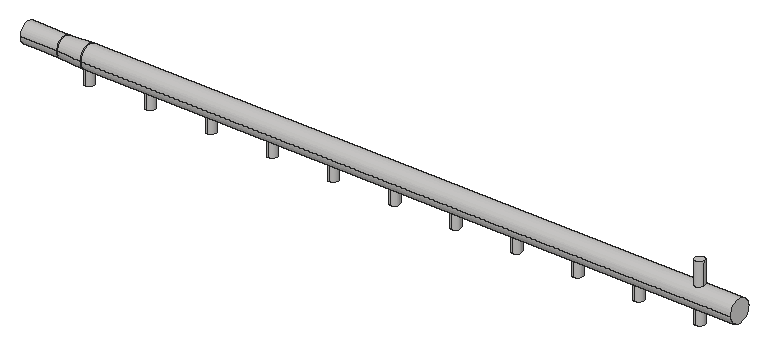
Revit family "BIMLIB_Коллектор_867_11_РОСТерм", category Оборудование, Revit 2017
Family settings
  Размер круглого соединителя = Использовать диаметр
  Тип детали = Нормальный
  На основе рабочей плоскости = Нет
  Всегда вертикально = Да
  При загрузке вырезать с полостями = Нет
  Общий = Нет
  Точка расчета площади = Нет
Parameters (values of type "Коллектор HEIZEN 867 для систем отопления сварной Ду32 на 11 выходов")
  РТ_Шаг = 100 mm
  РТ_l = 100 mm  # constant formula
  РТ_R1 = 18 mm
  РТ_R_низ = РТ_DN_низ / 2  # 7.5 mm
  РТ_DN3 = 15 mm  # constant formula
  Описание = "Коллекторы Heizen изготовлены из высококачественной латуни и нержавеющей стали, что исключает риск протечек. Коллекторы могут быть оснащены различными видами арматуры: ручными балансировочными клапанами,ручными запорными клапанами, термостатическими клапанами, расходомерами, воздухоотводчиками и дренажными кранами."
  РТ_DN_низ = 15 mm  # constant formula
  РТ_DN_бок = 32 mm
  Изготовитель = "РОСТерм"  # constant formula
  URL = "http://rostherm.ru/"
  RT_R2 = РТ_DN_бок / 2  # 16 mm
  BL_Разработано = "support@bimlib.ru"  # constant formula
  BL_Email = "rostherm@bimlib.ru"  # constant formula
  BL_BIM library = "https://bimlib.pro/manufacturer/rosterm/1632/"
  ADSK_Расход жидкости [instance] = 0.0 L/s
  ADSK_Примечание = ""
  ADSK_Позиция = ""
  ADSK_Обозначение = "ГОСТ 12.2.063-2015"  # constant formula
  ADSK_Наименование краткое = "HEIZEN 867 Ду32"
  ADSK_Наименование = "Коллектор HEIZEN 867 для систем отопления сварной Ду32 на 11 выходов"
  ADSK_Материал = BIMLIB_Нержавеющая_сталь_РОСТерм
  ADSK_Масса_Текст = ""
  ADSK_Масса = 0
  ADSK_Марка = "HEIZEN 867"  # constant formula
  ADSK_Код изделия = "867-32-10-11"
  ADSK_Завод-изготовитель = "Heizen"  # constant formula
  ADSK_Единица измерения = "шт."  # constant formula
  ADSK_Версия Revit = "2017"  # constant formula
  ADSK_URL страницы изделия = "http://rostherm.ru/kollektory/"
  ADSK_URL документации изделия = "http://rostherm.ru/"
Types (3, lengths in mm): name | РТ_R1 | РТ_DN_бок | RT_R2 | ADSK_Наименование краткое | ADSK_Наименование | ADSK_Код изделия
  Коллектор HEIZEN 867 для систем отопления сварной Ду50 на 11 выходов | 27 | 50 | 25 | "HEIZEN 867 Ду50" | "Коллектор HEIZEN 867 для систем отопления сварной Ду50 на 11 выходов" | "867-50-10-11"
  Коллектор HEIZEN 867 для систем отопления сварной Ду40 на 11 выходов | 22 | 40 | 20 | "HEIZEN 867 Ду40" | "Коллектор HEIZEN 867 для систем отопления сварной Ду40 на 11 выходов" | "867-40-10-11"
  Коллектор HEIZEN 867 для систем отопления сварной Ду32 на 11 выходов | 18 | 32 | 16 | "HEIZEN 867 Ду32" | "Коллектор HEIZEN 867 для систем отопления сварной Ду32 на 11 выходов" | "867-32-10-11"
Reference planes
  plane 1 "По центру (Вперед/Назад)": y = 0
  plane 2: z = 0
  plane 3 "По центру (Влево/Вправо)": x = 0
  plane 4: x = 100
  plane 5: x = 60
Forms (mm)
  Extrusion 1, solid, material "BIMLIB_Нержавеющая_сталь_РОСТерм" <- "ADSK_Материал", detail levels medium+fine
    sketch origin (65, 0, 0) x (0, 1, 0) y (0, 0, 1)
      loop
        circle (0, 0) r 18
    from 35 to 1100
  Sweep 2, solid, material "BIMLIB_Нержавеющая_сталь_РОСТерм" <- "ADSK_Материал", detail levels medium+fine
    path origin (65, 0, 7.5) x (1, 0, 0) y (0, 0, 1)
      loop
        line (35, -7.5) -> (35, -47.5)
    profile origin (100, 0, -20) x (0, -1, 0) y (1, 0, 0)
      loop
        circle (0, 0) r 7.5
  Blend 3, solid, material "BIMLIB_Нержавеющая_сталь_РОСТерм" <- "ADSK_Материал", detail levels medium+fine
    base sketch origin (50, 0, 0) x (0, 1, 0) y (0, 0, 1)
      loop
        circle (0, 0) r 18
    top sketch origin (50, 0, 0) x (0, 1, 0) y (0, 0, 1)
      loop
        circle (0, 0) r 16
    from 50 to 10
  Extrusion 4, solid, material "BIMLIB_Нержавеющая_сталь_РОСТерм" <- "ADSK_Материал", detail levels medium+fine
    sketch origin (50, 0, 0) x (0, 1, 0) y (0, 0, 1)
      loop
        circle (0, 0) r 16
    from -50 to 10
  Sweep 5, solid, material "BIMLIB_Нержавеющая_сталь_РОСТерм" <- "ADSK_Материал", detail levels medium+fine
    path origin (165, 0, 7.5) x (1, 0, 0) y (0, 0, 1)
      loop
        line (35, -7.5) -> (35, -47.5)
    profile origin (200, 0, -20) x (0, -1, 0) y (1, 0, 0)
      loop
        circle (0, 0) r 7.5
  Sweep 6, solid, material "BIMLIB_Нержавеющая_сталь_РОСТерм" <- "ADSK_Материал", detail levels medium+fine
    path origin (265, 0, 7.5) x (1, 0, 0) y (0, 0, 1)
      loop
        line (35, -7.5) -> (35, -47.5)
    profile origin (300, 0, -20) x (0, -1, 0) y (1, 0, 0)
      loop
        circle (0, 0) r 7.5
  Sweep 7, solid, material "BIMLIB_Нержавеющая_сталь_РОСТерм" <- "ADSK_Материал", detail levels medium+fine
    path origin (365, 0, 7.5) x (1, 0, 0) y (0, 0, 1)
      loop
        line (35, -7.5) -> (35, -47.5)
    profile origin (400, 0, -20) x (0, -1, 0) y (1, 0, 0)
      loop
        circle (0, 0) r 7.5
  Sweep 8, solid, material "BIMLIB_Нержавеющая_сталь_РОСТерм" <- "ADSK_Материал", detail levels medium+fine
    path origin (465, 0, 7.5) x (1, 0, 0) y (0, 0, 1)
      loop
        line (35, -7.5) -> (35, -47.5)
    profile origin (500, 0, -20) x (0, -1, 0) y (1, 0, 0)
      loop
        circle (0, 0) r 7.5
  Sweep 9, solid, material "BIMLIB_Нержавеющая_сталь_РОСТерм" <- "ADSK_Материал", detail levels medium+fine
    path origin (565, 0, 7.5) x (1, 0, 0) y (0, 0, 1)
      loop
        line (35, -7.5) -> (35, -47.5)
    profile origin (600, 0, -20) x (0, -1, 0) y (1, 0, 0)
      loop
        circle (0, 0) r 7.5
  Sweep 10, solid, material "BIMLIB_Нержавеющая_сталь_РОСТерм" <- "ADSK_Материал", detail levels medium+fine
    path origin (665, 0, 7.5) x (1, 0, 0) y (0, 0, 1)
      loop
        line (35, -7.5) -> (35, -47.5)
    profile origin (700, 0, -20) x (0, -1, 0) y (1, 0, 0)
      loop
        circle (0, 0) r 7.5
  Sweep 11, solid, material "BIMLIB_Нержавеющая_сталь_РОСТерм" <- "ADSK_Материал", detail levels medium+fine
    path origin (765, 0, 7.5) x (1, 0, 0) y (0, 0, 1)
      loop
        line (35, -7.5) -> (35, -47.5)
    profile origin (800, 0, -20) x (0, -1, 0) y (1, 0, 0)
      loop
        circle (0, 0) r 7.5
  Sweep 12, solid, material "BIMLIB_Нержавеющая_сталь_РОСТерм" <- "ADSK_Материал", detail levels medium+fine
    path origin (865, 0, 7.5) x (1, 0, 0) y (0, 0, 1)
      loop
        line (35, -7.5) -> (35, -47.5)
    profile origin (900, 0, -20) x (0, -1, 0) y (1, 0, 0)
      loop
        circle (0, 0) r 7.5
  Sweep 13, solid, material "BIMLIB_Нержавеющая_сталь_РОСТерм" <- "ADSK_Материал", detail levels medium+fine
    path origin (965, 0, 7.5) x (1, 0, 0) y (0, 0, 1)
      loop
        line (35, -7.5) -> (35, -47.5)
    profile origin (1000, 0, -20) x (0, -1, 0) y (1, 0, 0)
      loop
        circle (0, 0) r 7.5
  Sweep 14, solid, material "BIMLIB_Нержавеющая_сталь_РОСТерм" <- "ADSK_Материал", detail levels medium+fine
    path origin (1065, 0, 7.5) x (1, 0, 0) y (0, 0, 1)
      loop
        line (35, -7.5) -> (35, -47.5)
    profile origin (1100, 0, -20) x (0, -1, 0) y (1, 0, 0)
      loop
        circle (0, 0) r 7.5
  Extrusion 15, solid, material "BIMLIB_Нержавеющая_сталь_РОСТерм" <- "ADSK_Материал", detail levels medium+fine
    sketch origin (0, 0, 0) x (1, 0, 0) y (0, 1, 0)
      loop
        circle (1099.815, 0) r 7.5
    from 0 to 52.797
Cuts and joins
  joined: Extrusion 1, Extrusion 15
Lines and regions (mm)
  model lines, detail levels coarse
    curve 1: line (0, 0, 0) -> (1180, 0, 0)
    curve 2: line (100, 0, 0) -> (100, 0, -40)
    curve 3: line (200.436, 0, -40) -> (200.436, 0, 0)
    curve 4: line (300, 0, -40) -> (300, 0, 0)
    curve 5: line (400, 0, -40) -> (400, 0, 0)
    curve 6: line (500.436, 0, -40) -> (500.436, 0, 0)
    curve 7: line (600, 0, -40) -> (600, 0, 0)
    curve 8: line (700, 0, -40) -> (700, 0, 0)
    curve 9: line (800.436, 0, -40) -> (800.436, 0, 0)
    curve 10: line (900.436, 0, -40) -> (900.436, 0, 0)
    curve 11: line (1000.436, 0, -40) -> (1000.436, 0, 0)
    curve 12: line (1100.436, 0, -40) -> (1100.436, 0, 0)
Dimensions and locks
  "РТ_l": plane 4 to plane 3 "По центру (Влево/Вправо)"
  Sweep 2 sketch curve to Sweep 2 sketch curve = 40 mm
  locked: plane 4 to plane 5 at 40
  Sweep 5 sketch curve to Sweep 5 sketch curve = 40 mm
  equal spacing: group 1, group 2, group 3, group 4, group 5, group 6, group 7, group 8, group 9, group 10, group 11  (x3)
  Sweep 6 sketch curve to Sweep 6 sketch curve = 40 mm
  Sweep 7 sketch curve to Sweep 7 sketch curve = 40 mm
  Sweep 8 sketch curve to Sweep 8 sketch curve = 40 mm
  Sweep 9 sketch curve to Sweep 9 sketch curve = 40 mm
  Sweep 10 sketch curve to Sweep 10 sketch curve = 40 mm
  Sweep 11 sketch curve to Sweep 11 sketch curve = 40 mm
  Sweep 12 sketch curve to Sweep 12 sketch curve = 40 mm
  Sweep 13 sketch curve to Sweep 13 sketch curve = 40 mm
  Sweep 14 sketch curve to Sweep 14 sketch curve = 40 mm
  "РТ_R1": radius of Extrusion 1 sketch curve
  "РТ_R_низ": radius of Sweep 2 sketch curve
  "РТ_R1": radius of Blend 3 sketch curve
  "RT_R2": radius of Blend 3 sketch curve
  "RT_R2": radius of Extrusion 4 sketch curve
  "РТ_R_низ": radius of Sweep 5 sketch curve
  "РТ_R_низ": radius of Sweep 6 sketch curve
  "РТ_R_низ": radius of Sweep 7 sketch curve
  "РТ_R_низ": radius of Sweep 8 sketch curve
  "РТ_R_низ": radius of Sweep 9 sketch curve
  "РТ_R_низ": radius of Sweep 10 sketch curve
  "РТ_R_низ": radius of Sweep 11 sketch curve
  "РТ_R_низ": radius of Sweep 12 sketch curve
  "РТ_R_низ": radius of Sweep 13 sketch curve
  "РТ_R_низ": radius of Sweep 14 sketch curve
  "РТ_R_низ": radius of Extrusion 15 sketch curve
  aligned and locked: level to plane 2
  aligned and locked: curve 2 to plane 4
  aligned and locked: plane 4 to Sweep 2
  aligned and locked: Blend 3 to plane 5
  aligned and locked: Extrusion 4 to plane 3 "По центру (Влево/Вправо)"
  aligned and locked: Extrusion 4 to Blend 3
Automatic sketch dimensions
  Sweep 2 sketch curve to profile plane = 0 mm
  profile plane to Sweep 2 sketch curve = 0 mm
  Extrusion 1 sketch curve to level = 0 mm
  Extrusion 1 sketch curve to plane 1 "По центру (Вперед/Назад)" = 0 mm
  Blend 3 sketch curve to level = 0 mm  (x2)
  Blend 3 sketch curve to plane 1 "По центру (Вперед/Назад)" = 0 mm  (x2)
  Extrusion 4 sketch curve to level = 0 mm
  Extrusion 4 sketch curve to plane 1 "По центру (Вперед/Назад)" = 0 mm
  Sweep 5 sketch curve to profile plane = 0 mm
  profile plane to Sweep 5 sketch curve = 0 mm
  Sweep 6 sketch curve to profile plane = 0 mm
  profile plane to Sweep 6 sketch curve = 0 mm
  Sweep 7 sketch curve to profile plane = 0 mm
  profile plane to Sweep 7 sketch curve = 0 mm
  Sweep 8 sketch curve to profile plane = 0 mm
  profile plane to Sweep 8 sketch curve = 0 mm
  Sweep 9 sketch curve to profile plane = 0 mm
  profile plane to Sweep 9 sketch curve = 0 mm
  Sweep 10 sketch curve to profile plane = 0 mm
  profile plane to Sweep 10 sketch curve = 0 mm
  Sweep 11 sketch curve to profile plane = 0 mm
  profile plane to Sweep 11 sketch curve = 0 mm
  Sweep 12 sketch curve to profile plane = 0 mm
  profile plane to Sweep 12 sketch curve = 0 mm
  Sweep 13 sketch curve to profile plane = 0 mm
  profile plane to Sweep 13 sketch curve = 0 mm
  Sweep 14 sketch curve to profile plane = 0 mm
  profile plane to Sweep 14 sketch curve = 0 mm
  curve 1 to level = 0 mm
  curve 1 to plane 3 "По центру (Влево/Вправо)" = 0 mm
  curve 2 to curve 3 = 100.436 mm
  curve 4 to level = 40 mm
  curve 3 to curve 4 = 99.564 mm
  curve 4 to curve 5 = 100 mm
  curve 5 to curve 6 = 100.436 mm
  curve 6 to curve 7 = 99.564 mm
  curve 8 to level = 40 mm
  curve 7 to curve 8 = 100 mm
  curve 9 to level = 40 mm
  curve 8 to curve 9 = 100.436 mm
  curve 9 to curve 10 = 100 mm
  curve 11 to level = 40 mm
  curve 10 to curve 11 = 100 mm
  curve 12 to curve 12 = 40 mm
  curve 5 to curve 5 = 40 mm
  curve 7 to curve 7 = 40 mm
  curve 3 to curve 3 = 40 mm
  curve 2 to level = 40 mm
  curve 10 to curve 10 = 40 mm
  curve 6 to curve 6 = 40 mm
  curve 11 to curve 12 = 100 mm
  plane 1 "По центру (Вперед/Назад)" to Extrusion 15 sketch curve = 0 mm
  plane 4 to Extrusion 15 sketch curve = 999.815 mm
  curve 12 to curve 1 = 79.564 mm
Connectors
  piping at (100, 0, -40), diameter 15, driven by "РТ_DN_низ", driven by "ADSK_Расход жидкости"
    settings: on Sweep 2, index 3, connector inside diameter 609.6 mm, connector length 0 mm, flow factor 0, pipe flow 0.0 L/s, pressure drop 0.0 Pa, fitting loss kfactor 0, connector angle 0.00°, fixture units 0, engagement length 0 mm, angle of deflection 0.00°, flow configuration 0, flow direction 2, fitting loss method 0, system type 7, joint type 0, gender type 0, connector reference index -1, connector utility 0, adjustable connector no, is connector primary yes, connector description ""
  piping at (0, 0, 0), diameter 32, driven by "ADSK_Расход жидкости", driven by "РТ_DN_бок"
    settings: on Extrusion 4, index 38, connector inside diameter 609.6 mm, connector length 0 mm, flow factor 0, pipe flow 0.0 L/s, pressure drop 0.0 Pa, fitting loss kfactor 0, connector angle 0.00°, fixture units 0, engagement length 0 mm, angle of deflection 0.00°, flow configuration 0, flow direction 1, fitting loss method 0, system type 7, joint type 0, gender type 0, connector reference index -1, connector utility 0, adjustable connector no, is connector primary no, connector description ""
  piping at (200, 0, -40), diameter 15, driven by "РТ_DN_низ", driven by "ADSK_Расход жидкости"
    settings: on Sweep 5, index 39, connector inside diameter 609.6 mm, connector length 0 mm, flow factor 0, pipe flow 0.0 L/s, pressure drop 0.0 Pa, fitting loss kfactor 0, connector angle 0.00°, fixture units 0, engagement length 0 mm, angle of deflection 0.00°, flow configuration 0, flow direction 2, fitting loss method 0, system type 7, joint type 0, gender type 0, connector reference index -1, connector utility 0, adjustable connector no, is connector primary no, connector description ""
  piping at (300, 0, -40), diameter 15, driven by "РТ_DN_низ", driven by "ADSK_Расход жидкости"
    settings: on Sweep 6, index 40, connector inside diameter 609.6 mm, connector length 0 mm, flow factor 0, pipe flow 0.0 L/s, pressure drop 0.0 Pa, fitting loss kfactor 0, connector angle 0.00°, fixture units 0, engagement length 0 mm, angle of deflection 0.00°, flow configuration 0, flow direction 2, fitting loss method 0, system type 7, joint type 0, gender type 0, connector reference index -1, connector utility 0, adjustable connector no, is connector primary no, connector description ""
  piping at (400, 0, -40), diameter 15, driven by "РТ_DN_низ", driven by "ADSK_Расход жидкости"
    settings: on Sweep 7, index 41, connector inside diameter 609.6 mm, connector length 0 mm, flow factor 0, pipe flow 0.0 L/s, pressure drop 0.0 Pa, fitting loss kfactor 0, connector angle 0.00°, fixture units 0, engagement length 0 mm, angle of deflection 0.00°, flow configuration 0, flow direction 2, fitting loss method 0, system type 7, joint type 0, gender type 0, connector reference index -1, connector utility 0, adjustable connector no, is connector primary no, connector description ""
  piping at (500, 0, -40), diameter 15, driven by "РТ_DN_низ", driven by "ADSK_Расход жидкости"
    settings: on Sweep 8, index 42, connector inside diameter 609.6 mm, connector length 0 mm, flow factor 0, pipe flow 0.0 L/s, pressure drop 0.0 Pa, fitting loss kfactor 0, connector angle 0.00°, fixture units 0, engagement length 0 mm, angle of deflection 0.00°, flow configuration 0, flow direction 2, fitting loss method 0, system type 7, joint type 0, gender type 0, connector reference index -1, connector utility 0, adjustable connector no, is connector primary no, connector description ""
  piping at (600, 0, -40), diameter 15, driven by "РТ_DN_низ", driven by "ADSK_Расход жидкости"
    settings: on Sweep 9, index 43, connector inside diameter 609.6 mm, connector length 0 mm, flow factor 0, pipe flow 0.0 L/s, pressure drop 0.0 Pa, fitting loss kfactor 0, connector angle 0.00°, fixture units 0, engagement length 0 mm, angle of deflection 0.00°, flow configuration 0, flow direction 2, fitting loss method 0, system type 7, joint type 0, gender type 0, connector reference index -1, connector utility 0, adjustable connector no, is connector primary no, connector description ""
  piping at (700, 0, -40), diameter 15, driven by "РТ_DN_низ", driven by "ADSK_Расход жидкости"
    settings: on Sweep 10, index 44, connector inside diameter 609.6 mm, connector length 0 mm, flow factor 0, pipe flow 0.0 L/s, pressure drop 0.0 Pa, fitting loss kfactor 0, connector angle 0.00°, fixture units 0, engagement length 0 mm, angle of deflection 0.00°, flow configuration 0, flow direction 2, fitting loss method 0, system type 7, joint type 0, gender type 0, connector reference index -1, connector utility 0, adjustable connector no, is connector primary no, connector description ""
  piping at (800, 0, -40), diameter 15, driven by "РТ_DN_низ", driven by "ADSK_Расход жидкости"
    settings: on Sweep 11, index 45, connector inside diameter 609.6 mm, connector length 0 mm, flow factor 0, pipe flow 0.0 L/s, pressure drop 0.0 Pa, fitting loss kfactor 0, connector angle 0.00°, fixture units 0, engagement length 0 mm, angle of deflection 0.00°, flow configuration 0, flow direction 2, fitting loss method 0, system type 7, joint type 0, gender type 0, connector reference index -1, connector utility 0, adjustable connector no, is connector primary no, connector description ""
  piping at (900, 0, -40), diameter 15, driven by "РТ_DN_низ", driven by "ADSK_Расход жидкости"
    settings: on Sweep 12, index 46, connector inside diameter 609.6 mm, connector length 0 mm, flow factor 0, pipe flow 0.0 L/s, pressure drop 0.0 Pa, fitting loss kfactor 0, connector angle 0.00°, fixture units 0, engagement length 0 mm, angle of deflection 0.00°, flow configuration 0, flow direction 2, fitting loss method 0, system type 7, joint type 0, gender type 0, connector reference index -1, connector utility 0, adjustable connector no, is connector primary no, connector description ""
  piping at (1000, 0, -40), diameter 15, driven by "РТ_DN_низ", driven by "ADSK_Расход жидкости"
    settings: on Sweep 13, index 47, connector inside diameter 609.6 mm, connector length 0 mm, flow factor 0, pipe flow 0.0 L/s, pressure drop 0.0 Pa, fitting loss kfactor 0, connector angle 0.00°, fixture units 0, engagement length 0 mm, angle of deflection 0.00°, flow configuration 0, flow direction 2, fitting loss method 0, system type 7, joint type 0, gender type 0, connector reference index -1, connector utility 0, adjustable connector no, is connector primary no, connector description ""
  piping at (1100, 0, -40), diameter 15, driven by "РТ_DN_низ", driven by "ADSK_Расход жидкости"
    settings: on Sweep 14, index 48, connector inside diameter 609.6 mm, connector length 0 mm, flow factor 0, pipe flow 0.0 L/s, pressure drop 0.0 Pa, fitting loss kfactor 0, connector angle 0.00°, fixture units 0, engagement length 0 mm, angle of deflection 0.00°, flow configuration 0, flow direction 2, fitting loss method 0, system type 7, joint type 0, gender type 0, connector reference index -1, connector utility 0, adjustable connector no, is connector primary no, connector description ""
  piping at (1099.815, 0, 52.797), diameter 15, driven by "РТ_DN3", driven by "ADSK_Расход жидкости"
    settings: on cut or joined group of Extrusion 1, Extrusion 15, index 49, connector inside diameter 609.6 mm, connector length 0 mm, flow factor 0, pipe flow 0.0 L/s, pressure drop 0.0 Pa, fitting loss kfactor 0, connector angle 0.00°, fixture units 0, engagement length 0 mm, angle of deflection 0.00°, flow configuration 0, flow direction 0, fitting loss method 0, system type 29, joint type 0, gender type 0, connector reference index -1, connector utility 0, adjustable connector no, is connector primary no, connector description ""
